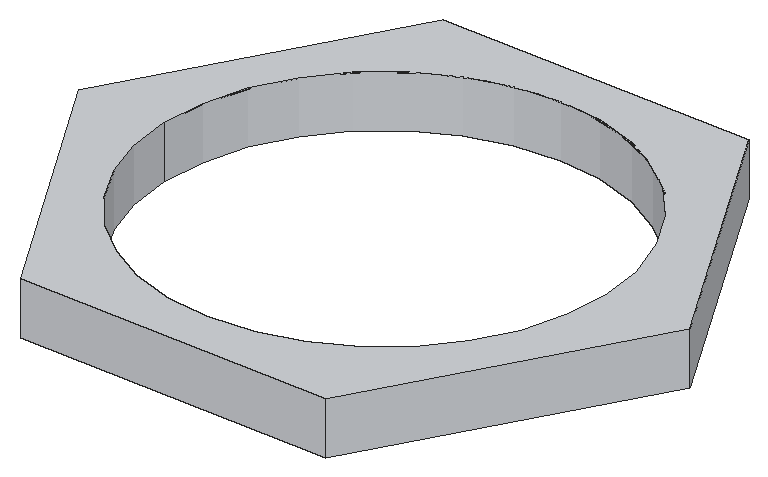
Revit family "LN2B", category Generic Models, Revit 2017
Family settings
  Can host rebar = No
  Round Connector Dimension = Use Diameter
  Part Type = Normal
  Work Plane-Based = Yes
  Always vertical = No
  Cut with Voids When Loaded = No
  Shared = No
  Room Calculation Point = No
Parameters (values of type "NBS Standard Parameters")
  Weight = "0.0099Kg"
  WarrantyStartDate [instance] = "1900-12-31T23:59:59"
  WarrantyGuarantorParts = "n/a"
  WarrantyGuarantorLabor = "n/a"
  WarrantyDurationUnit = "1 year"
  WarrantyDurationParts = "n/a"
  WarrantyDurationLabor = "n/a"
  WarrantyDescription = "n/a"
  Version = "1"
  Uniclass2 = "Pr_65_70_11_20"
  TagNumber [instance] = "n/a"
  SustainabilityPerformance = "n/a"
  Size = "n/a"
  Shape = "25mm"
  SerialNumber [instance] = "Hexagon"
  Revision = "n/a"
  ReplacementCost = "n/a"
  ProductInformation = "www.metpro.co.uk/pdf/LN2G.pdf"
  NominalWidth = 33 mm
  NominalLength = 33 mm
  NominalHeight = 3 mm
  Name = ""
  NBSTypeID = ""
  NBSReference = "90-55-10/460"
  NBSOfficeMasterTag = ""
  NBSNote = ""
  NBSDescription = "Conduit  Fittings"
  NBSCertification = ""
  ModelReference = "LN2B"
  ModelNumber = "n/a"
  Material = "Steel"
  ManufacturerURL = "www.metpro.co.uk"
  ManufacturerName = "Metpro Ltd"
  Keynote = "Compliant to LU Standard 1-085"
  InstallationDate [instance] = "1900-12-31T23:59:59"
  IfcExportType = ""
  IfcExportAs = ""
  Grade = "n/a"
  Finish = "Black"
  Features = "n/a"
  ExpectedLife = "n/a"
  DurationUnit = "year"
  Description = "LN2B 25mm Lock Nut - Light Pattern"
  Default Elevation = 1219.2 mm
  Constituents = "n/a"
  Color = "n/a"
  CodePerformance = "n/a"
  Category = "n/a"
  BarCode [instance] = "n/a"
  BIMObjectName = "Metpro_metprolibrary_Conduitfittings_metalcomponent_Steelaccessories"
  Author = "Metpro Ltd"
  AssetType = ""
  AssetIdentifier [instance] = "n/a"
  AccessibilityPerformance = "n/a"
Reference planes
  plane 1 "Center (Front/Back)": y = 0
  plane 2: z = 0
  plane 3 "Center (Left/Right)": x = 0
Forms (mm)
  Extrusion 1, solid
    sketch origin (0, 0, 0) x (1, 0, 0) y (0, 1, 0)
      loop
        circle (10.04, 13.158) r 12.5
      loop
        line (1.379, 28.158) -> (-7.281, 13.158) -> (1.379, -1.842) -> (18.7, -1.842) -> (27.36, 13.158) -> (18.7, 28.158) -> (1.379, 28.158)
    from 0 to 3
Dimensions and locks
  aligned and locked: level to plane 2
